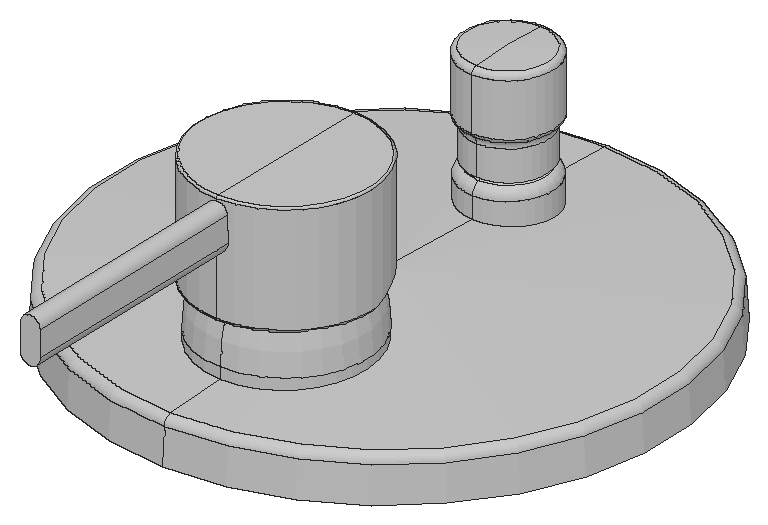
Revit family "Sanitary_Taps-mixers_hansgrohe_74415CHN-Zesis-S-Single-lever-bath-mixer_concealed-installation", category Plumbing Fixtures, host Face, Revit 2022
Family settings
  Host = Face
  Round Connector Dimension = Use Diameter
  Part Type = Normal
  OmniClass Number = 23.31.11.00
  OmniClass Title = Faucets
  Cut with Voids When Loaded = Yes
  Maintain Annotation Orientation = No
  Shared = No
  Room Calculation Point = No
Parameters (values of type "007 Chrome")
  Version = 1  # constant formula
  URL = "https://www.hansgrohe.com/"
  Product data url = "https://www.bimobject.com/en/hansgrohe/product/74415CHN"
  Product Page URL = "https://www.hansgrohe.com/articledetail--74415007"
  Model = "74415CHN"  # constant formula
  Material 1 = Hansgrohe - Metal - 007 Chrome
  Manufacturer = "Hansgrohe"  # constant formula
  Description = "Zesis S Single lever bath mixer for concealed installation"  # constant formula
  Default Elevation = 0 mm
  Date Updated = ""
  Date Created = "2024/12/17"  # constant formula
Types (3, lengths in mm): name | Material 1
  (no name) | Hansgrohe - Metal - 007 Chrome
  007 Chrome | Hansgrohe - Metal - 007 Chrome
  677 Matt Black | Hansgrohe - Metal - 677 Matt Black
Reference planes
  plane 1 "Center (Front/Back)": y = 0
  plane 2: z = 0
  plane 3 "Center (Left/Right)": x = 0
Forms (mm)
  Revolve 1, solid, material "Hansgrohe - Metal - 007 Chrome" <- "Material 1", detail levels fine
    sketch origin (0, 0, 0) x (0, 1, 0) y (0, 0, 1)
      loop
        line (0, 0) -> (74.941, 0) -> (74.448, 9.406)
        arc (74.448, 9.406) -> (73.752, 11.01) -> (72.175, 11.765) r 2.5
        arc (72.175, 11.765) -> (36.124, 14.191) -> (0, 15) r 806.803
        line (0, 15) -> (0, 0)
      axis (0, 15) -> (0, 0)
    angle from 0 to 360
  Revolve 2, solid, material "Hansgrohe - Metal - 007 Chrome" <- "Material 1", detail levels fine
    sketch origin (0, 0, 0) x (0, 1, 0) y (0, 0, 1)
      loop
        line (39.952, 4.9) -> (51.743, 4.9) -> (51.743, 19.4)
        arc (51.743, 19.4) -> (51.225, 21.078) -> (49.852, 22.174) r 2.98
        line (49.852, 22.174) -> (47.186, 23.222) -> (50.452, 23.222) -> (50.452, 31.222)
        arc (50.452, 31.222) -> (50.75, 32.456) -> (51.577, 33.419) r 2.707
        arc (51.577, 33.419) -> (51.883, 33.774) -> (51.993, 34.23) r 1
        line (51.993, 34.23) -> (51.993, 48.354)
        arc (51.993, 48.354) -> (51.594, 49.372) -> (50.611, 49.849) r 1.5
        arc (50.611, 49.849) -> (45.286, 50.165) -> (39.952, 50.27) r 135.292
        line (39.952, 50.27) -> (39.952, 4.9)
      axis (39.952, 4.9) -> (39.952, 50.27)
    angle from 0 to 360
  Revolve 3, solid, material "Hansgrohe - Metal - 007 Chrome" <- "Material 1", detail levels fine
    sketch origin (0, 0, 0) x (0, 1, 0) y (0, 0, 1)
      loop
        line (-34.048, 8.388) -> (-12.298, 8.388) -> (-12.298, 15.388)
        arc (-12.298, 15.388) -> (-13.657, 25.86) -> (-17.645, 35.638) r 41.02
        line (-17.645, 35.638) -> (-34.048, 35.638) -> (-34.048, 8.388)
      axis (-34.048, 35.638) -> (-34.048, 8.388)
    angle from 0 to 360
  Extrusion 4, void
    sketch origin (0, 0, 0) x (0, 1, 0) y (0, 0, 1)
      loop
        line (0, 37.41) -> (-39.523, 25.326) -> (0, 25.326) -> (0, 37.41)
    from -25 to 25
  Revolve 5, solid, material "Hansgrohe - Metal - 007 Chrome" <- "Material 1", detail levels fine
    sketch origin (0, 0, 0) x (0, 1, 0) y (0, 0, 1)
      loop
        line (-34.048, 27) -> (-11.548, 27)
        arc (-11.548, 27) -> (-11.194, 27.146) -> (-11.048, 27.5) r 0.5
        line (-11.048, 27.5) -> (-11.048, 56.138)
        arc (-11.048, 56.138) -> (-11.194, 56.492) -> (-11.548, 56.638) r 0.5
        line (-11.548, 56.638) -> (-34.048, 56.638) -> (-34.048, 27)
      axis (-34.048, 56.638) -> (-34.048, 27)
    angle from 0 to 360
  Sweep 6, solid, material "Hansgrohe - Metal - 007 Chrome" <- "Material 1", detail levels fine
    path origin (0, 0, 0) x (0, 1, 0) y (0, 0, 1)
      loop
        line (-118.95, 49.596) -> (-33.95, 49.596)
    profile origin (0, -118.95, 49.596) x (0, 0, 1) y (1, 0, 0)
      loop
        line (-3.298, -2.749) -> (3.315, -2.634)
        arc (3.315, -2.634) -> (5.904, 0) -> (3.315, 2.634) r 2.634
        line (3.315, 2.634) -> (-3.298, 2.749)
        arc (-3.298, 2.749) -> (-6.096, 0) -> (-3.298, -2.749) r 2.75
  Revolve 7, solid, material "Hansgrohe - Metal - 007 Chrome" <- "Material 1", detail levels coarse+medium
    sketch origin (0, 0, 0) x (0, 1, 0) y (0, 0, 1)
      loop
        line (0, 0) -> (74.941, 0) -> (74.941, 15) -> (0, 15) -> (0, 0)
      axis (0, 15) -> (0, 0)
    angle from 0 to 360
  Revolve 8, solid, material "Hansgrohe - Metal - 007 Chrome" <- "Material 1", detail levels medium
    sketch origin (0, 0, 0) x (0, 1, 0) y (0, 0, 1)
      loop
        line (39.952, 4.9) -> (51.743, 4.9) -> (51.743, 19.4) -> (47.186, 23.222) -> (50.452, 23.222) -> (50.452, 31.222) -> (51.993, 34.23) -> (51.993, 50.27) -> (39.952, 50.27) -> (39.952, 4.9)
      axis (39.952, 4.9) -> (39.952, 50.27)
    angle from 0 to 360
  Revolve 9, solid, material "Hansgrohe - Metal - 007 Chrome" <- "Material 1", detail levels medium
    sketch origin (0, 0, 0) x (0, 1, 0) y (0, 0, 1)
      loop
        line (-34.048, 8.388) -> (-12.301, 8.388) -> (-12.301, 27) -> (-11.048, 27) -> (-11.048, 56.638) -> (-34.048, 56.638) -> (-34.048, 8.388)
      axis (-34.048, 56.638) -> (-34.048, 8.388)
    angle from 0 to 360
  Sweep 10, solid, material "Hansgrohe - Metal - 007 Chrome" <- "Material 1", detail levels coarse+medium
    path origin (0, 0, 0) x (0, 1, 0) y (0, 0, 1)
      loop
        line (-118.95, 49.596) -> (-33.95, 49.596)
    profile origin (0, -118.95, 49.596) x (0, 0, 1) y (1, 0, 0)
      loop
        line (-6.096, -2.749) -> (5.904, -2.749) -> (5.904, 2.749) -> (-6.096, 2.749) -> (-6.096, -2.749)
  Revolve 11, solid, material "Hansgrohe - Metal - 007 Chrome" <- "Material 1", detail levels coarse
    sketch origin (0, 0, 0) x (0, 1, 0) y (0, 0, 1)
      loop
        line (39.952, 4.9) -> (51.743, 4.9) -> (51.743, 50.27) -> (39.952, 50.27) -> (39.952, 4.9)
      axis (39.952, 4.9) -> (39.952, 50.27)
    angle from 0 to 360
  Revolve 12, solid, material "Hansgrohe - Metal - 007 Chrome" <- "Material 1", detail levels coarse
    sketch origin (0, 0, 0) x (0, 1, 0) y (0, 0, 1)
      loop
        line (-34.048, 8.388) -> (-11.048, 8.388) -> (-11.048, 56.638) -> (-34.048, 56.638) -> (-34.048, 8.388)
      axis (-34.048, 56.638) -> (-34.048, 8.388)
    angle from 0 to 360
Cuts and joins
  Extrusion 4 cuts Revolve 5
  joined: Revolve 3, Revolve 5, Sweep 6
Lines and regions (mm)
  Masking region 1
    outline origin (0, 0, 0) x (0, 1, 0) y (0, 0, 1)
      loop
        arc (28.327, 33.419) -> (29.154, 32.456) -> (29.452, 31.222) r 2.707
        line (29.452, 31.222) -> (29.452, 23.222) -> (32.718, 23.222) -> (30.052, 22.174)
        arc (30.052, 22.174) -> (28.679, 21.078) -> (28.161, 19.4) r 2.98
        line (28.161, 19.4) -> (28.161, 14.508)
        arc (28.161, 14.508) -> (14.083, 14.877) -> (0, 15) r 806.803
        arc (0, 15) -> (-6.151, 14.977) -> (-12.301, 14.906) r 806.803
        arc (-12.301, 14.906) -> (-13.194, 23.913) -> (-16.04, 32.506) r 41.02
        line (-16.04, 32.506) -> (-11.048, 34.032) -> (-11.048, 56.138)
        arc (-11.048, 56.138) -> (-11.194, 56.492) -> (-11.548, 56.638) r 0.5
        line (-11.548, 56.638) -> (-34.048, 56.638) -> (-57.048, 56.638) -> (-57.048, 55.5) -> (-118.95, 55.5) -> (-118.95, 43.5) -> (-57.048, 43.5) -> (-57.048, 26.995) -> (-54.122, 26.995)
        arc (-54.122, 26.995) -> (-55.526, 20.103) -> (-55.733, 13.073) r 41.02
        arc (-55.733, 13.073) -> (-63.957, 12.461) -> (-72.175, 11.765) r 806.803
        arc (-72.175, 11.765) -> (-73.752, 11.01) -> (-74.448, 9.406) r 2.5
        line (-74.448, 9.406) -> (-74.941, 0) -> (0, 0) -> (74.941, 0) -> (74.448, 9.406)
        arc (74.448, 9.406) -> (73.752, 11.01) -> (72.175, 11.765) r 2.5
        arc (72.175, 11.765) -> (61.964, 12.617) -> (51.743, 13.339) r 806.803
        line (51.743, 13.339) -> (51.743, 19.4)
        arc (51.743, 19.4) -> (51.225, 21.078) -> (49.852, 22.174) r 2.98
        line (49.852, 22.174) -> (47.186, 23.222) -> (50.452, 23.222) -> (50.452, 31.222)
        arc (50.452, 31.222) -> (50.75, 32.456) -> (51.577, 33.419) r 2.707
        arc (51.577, 33.419) -> (51.883, 33.774) -> (51.993, 34.23) r 1
        line (51.993, 34.23) -> (51.993, 48.354)
        arc (51.993, 48.354) -> (51.594, 49.372) -> (50.611, 49.849) r 1.5
        arc (50.611, 49.849) -> (45.286, 50.165) -> (39.952, 50.27) r 135.292
        arc (39.952, 50.27) -> (34.618, 50.165) -> (29.293, 49.849) r 135.292
        arc (29.293, 49.849) -> (28.31, 49.372) -> (27.911, 48.354) r 1.5
        line (27.911, 48.354) -> (27.911, 34.23)
        arc (27.911, 34.23) -> (28.021, 33.774) -> (28.327, 33.419) r 1
  Masking region 2
    outline origin (0, 0, 0) x (1, 0, 0) y (0, 0, 1)
      loop
        line (0, 56.638) -> (-22.5, 56.638)
        arc (-22.5, 56.638) -> (-22.854, 56.492) -> (-23, 56.138) r 0.5
        line (-23, 56.138) -> (-23, 27.5)
        arc (-23, 27.5) -> (-22.854, 27.146) -> (-22.5, 27) r 0.5
        line (-22.5, 27) -> (-20.072, 27)
        arc (-20.072, 27) -> (-21.376, 20.917) -> (-21.744, 14.707) r 41.02
        arc (-21.744, 14.707) -> (-46.983, 13.631) -> (-72.175, 11.765) r 806.803
        arc (-72.175, 11.765) -> (-73.752, 11.01) -> (-74.448, 9.406) r 2.5
        line (-74.448, 9.406) -> (-74.941, 0) -> (0, 0) -> (74.941, 0) -> (74.448, 9.406)
        arc (74.448, 9.406) -> (73.752, 11.01) -> (72.175, 11.765) r 2.5
        arc (72.175, 11.765) -> (46.983, 13.631) -> (21.744, 14.707) r 806.803
        arc (21.744, 14.707) -> (21.376, 20.917) -> (20.072, 27) r 41.02
        line (20.072, 27) -> (22.5, 27)
        arc (22.5, 27) -> (22.854, 27.146) -> (23, 27.5) r 0.5
        line (23, 27.5) -> (23, 56.138)
        arc (23, 56.138) -> (22.854, 56.492) -> (22.5, 56.638) r 0.5
        line (22.5, 56.638) -> (0, 56.638)
  Masking region 3
    outline origin (0, 0, 0) x (1, 0, 0) y (0, 1, 0)
      loop
        arc (2.75, -74.891) -> (0, 74.941) -> (-2.75, -74.891) r 74.941
        line (-2.75, -74.891) -> (-2.75, -118.95) -> (2.75, -118.95) -> (2.75, -74.891)
  symbolic lines, detail levels medium+fine
    curve 1: line (0, -34.063, 26.995) -> (0, -54.122, 26.995)
    curve 2: line (0, -16.04, 32.506) -> (0, -34.063, 26.995)
    curve 3: line (0, -57.048, 43.5) -> (0, -57.048, 55.5)
    curve 4: arc (0, -55.733, 13.073) -> (0, -34.029, 14.282) -> (0, -12.301, 14.906) r 806.803
    curve 5: arc (0, 51.743, 13.339) -> (0, 39.956, 14.01) -> (0, 28.161, 14.508) r 806.803
    curve 6: line (0, 47.186, 23.222) -> (0, 32.718, 23.222)
    curve 8: circle (0, -33.95, 0) r 23 normal (0, 0, 1)
    curve 9: circle (0, 39.952, 0) r 12.041 normal (0, 0, 1)
    curve 10: line (-2.634, -74.936, 0) -> (-2.634, -56.799, 0)
    curve 11: line (2.75, -74.891, 0) -> (2.75, -56.786, 0)
    curve 12: spline (11.272, 0, 33.115) -> (12.915, 0, 32.807) -> (14.464, 0, 32.461) -> (15.911, 0, 32.079) -> (17.243, 0, 31.662) -> (18.453, 0, 31.215) -> (19.531, 0, 30.74) -> (20.471, 0, 30.24) -> (21.265, 0, 29.72) -> (21.908, 0, 29.181) -> (22.397, 0, 28.629) -> (22.727, 0, 28.067) -> (22.896, 0, 27.499)
    curve 13: line (-12.041, 0, 48.354) -> (-12.041, 0, 34.23)
    curve 14: arc (-12.041, 0, 34.23) -> (-11.931, 0, 33.774) -> (-11.625, 0, 33.419) r 1
    curve 15: arc (-11.625, 0, 33.419) -> (-10.798, 0, 32.456) -> (-10.5, 0, 31.222) r 2.707
    curve 16: line (-10.5, 0, 31.222) -> (-10.5, 0, 23.222)
    curve 17: line (-10.5, 0, 23.222) -> (-7.234, 0, 23.222)
    curve 18: line (-7.234, 0, 23.222) -> (-9.9, 0, 22.174)
    curve 19: arc (-9.9, 0, 22.174) -> (-11.273, 0, 21.078) -> (-11.791, 0, 19.4) r 2.98
    curve 20: line (-11.791, 0, 19.4) -> (-11.791, 0, 13.914)
    curve 21: arc (0, 0, 50.27) -> (-5.334, 0, 50.165) -> (-10.659, 0, 49.849) r 135.292
    curve 22: arc (-10.659, 0, 49.849) -> (-11.642, 0, 49.372) -> (-12.041, 0, 48.354) r 1.5
    curve 23: line (-7.234, 0, 23.222) -> (0, 0, 23.222)
    curve 24: spline (20.051, 0, 27) -> (19.871, 0, 27.463) -> (19.568, 0, 27.92) -> (19.144, 0, 28.368) -> (18.601, 0, 28.806) -> (17.943, 0, 29.23) -> (17.174, 0, 29.637) -> (16.298, 0, 30.026) -> (15.321, 0, 30.394) -> (14.248, 0, 30.738) -> (13.087, 0, 31.056) -> (11.845, 0, 31.347) -> (10.528, 0, 31.609)
    curve 25: spline (-10.528, 0, 31.609) -> (-11.845, 0, 31.347) -> (-13.087, 0, 31.056) -> (-14.248, 0, 30.738) -> (-15.321, 0, 30.394) -> (-16.298, 0, 30.026) -> (-17.174, 0, 29.637) -> (-17.943, 0, 29.23) -> (-18.601, 0, 28.806) -> (-19.144, 0, 28.368) -> (-19.568, 0, 27.92) -> (-19.871, 0, 27.463) -> (-20.051, 0, 27)
    curve 26: line (12.041, 0, 48.354) -> (12.041, 0, 34.23)
    curve 27: arc (12.041, 0, 34.23) -> (11.931, 0, 33.774) -> (11.625, 0, 33.419) r 1
    curve 28: arc (11.625, 0, 33.419) -> (10.798, 0, 32.456) -> (10.5, 0, 31.222) r 2.707
    curve 29: line (10.5, 0, 31.222) -> (10.5, 0, 23.222)
    curve 30: line (10.5, 0, 23.222) -> (7.234, 0, 23.222)
    curve 31: line (7.234, 0, 23.222) -> (9.9, 0, 22.174)
    curve 32: arc (9.9, 0, 22.174) -> (11.273, 0, 21.078) -> (11.791, 0, 19.4) r 2.98
    curve 33: line (11.791, 0, 19.4) -> (11.791, 0, 13.914)
    curve 34: arc (0, 0, 50.27) -> (5.334, 0, 50.165) -> (10.659, 0, 49.849) r 135.292
    curve 35: arc (10.659, 0, 49.849) -> (11.642, 0, 49.372) -> (12.041, 0, 48.354) r 1.5
    curve 36: line (7.234, 0, 23.222) -> (0, 0, 23.222)
    curve 37: spline (-11.272, 0, 33.115) -> (-12.915, 0, 32.807) -> (-14.464, 0, 32.461) -> (-15.911, 0, 32.079) -> (-17.243, 0, 31.662) -> (-18.453, 0, 31.215) -> (-19.531, 0, 30.74) -> (-20.471, 0, 30.24) -> (-21.265, 0, 29.72) -> (-21.908, 0, 29.181) -> (-22.397, 0, 28.629) -> (-22.727, 0, 28.067) -> (-22.896, 0, 27.499)
    curve 38: arc (21.744, 0, 14.707) -> (16.768, 0, 14.826) -> (11.791, 0, 14.914) r 806.803
    curve 39: arc (11.791, 0, 13.914) -> (0, 0, 14.279) -> (-11.791, 0, 13.914) r 190.75
    curve 40: arc (-11.791, 0, 14.914) -> (-16.768, 0, 14.826) -> (-21.744, 0, 14.707) r 806.803
  symbolic lines, detail levels fine
    curve 7: line (0, 51.993, 34.23) -> (0, 27.911, 34.23)
Dimensions and locks
  aligned and locked: plane 2 to host face
  aligned and locked: level to host face
